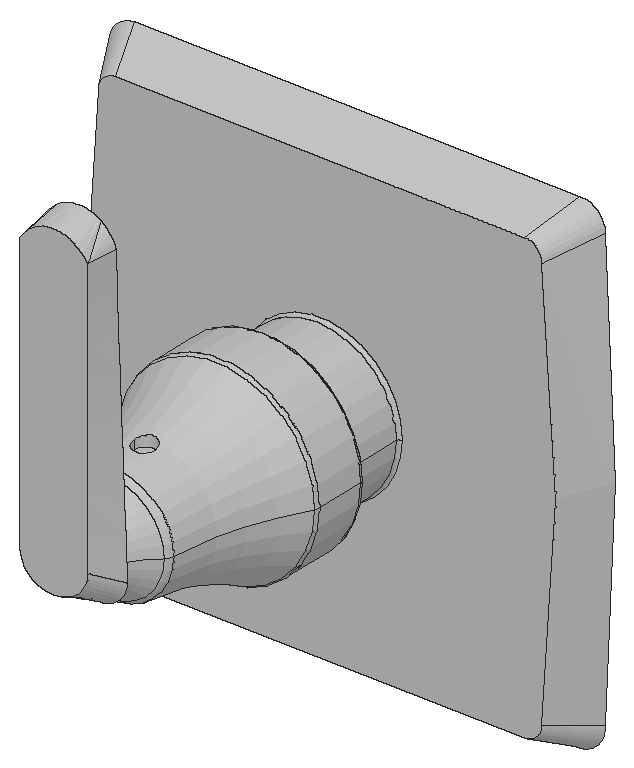
Revit family "Delta Ashlyn 3 Setting Diverter Trim 11864-SS", category Plumbing Fixtures, host Wall, Revit 2013
Parameters (values of type "Delta Ashlyn 3 Setting Diverter Trim 11864-SS")
  Width [instance] = 114.000 mm
  URL = "www.deltafaucet.com"
  Model = "11864"
  Manufacturer = "Delta Ashlyn"
  Height [instance] = 126.000 mm
  Faucet [instance] = Stainless Steel, Polished
  Description = "Delta Ashlyn 3 Setting Diverter Trim 11864-SS"
  Depth [instance] = 83.000 mm
Reference planes
  plane 1: y = 0
  plane 2 "Center (Left/Right)": x = 0
  plane 3 "Wall Edge": y = 76.2
Text (mm)
  text "Placement Side" at (0, 1019.848, 3124.603), in view "Right"
  text "Placement Side" at (-1787.662, 723.012, 0), in view "Ref. Level"
  text "Placement Side" at (0, 2073.289, 3571.227), in view "Left"
Dimensions and locks
  locked: plane 3 "Wall Edge" to host wall
  aligned and locked: plane 2 "Center (Left/Right)" to nested 1
  aligned and locked: nested 1 to host wall
Nested families
  nested 1: "fgt11864_bim" at (0, -112.551, 609.6), type "fgt11864_bim"
Definition of nested family "fgt11864_bim"
  Parameters (values of type "fgt11864_bim")
    Faucet = Polished_Chrome
  Reference planes
    plane 1 "Center (Front/Back)": y = 0
    plane 2: z = 0
    plane 3 "Center (Left/Right)": x = 0
    plane 4: z = 114
  Forms (mm)
    Revolve 1, solid, material "Polished_Chrome" <- "Faucet"
      sketch origin (-309.306, 36.351, 56.534) x (0, -1, 0) y (1, 0, 0)
        loop
          arc (10.16, 290.98) -> (10.616, 291.378) -> (11.21, 291.492) r 1.165
          line (11.21, 291.492) -> (25.907, 291.492) -> (25.907, 287.656)
          arc (25.907, 287.656) -> (26.052, 287.259) -> (26.418, 287.047) r 0.618
          line (26.418, 287.047) -> (38.093, 287.047)
          arc (38.093, 287.047) -> (38.602, 287.119) -> (39.071, 287.328) r 1.845
          spline (39.071, 287.328) -> (41.558, 288.758) -> (43.838, 289.873) -> (45.982, 290.806) -> (48.028, 291.637) -> (49.975, 292.375) -> (51.819, 293.027) -> (53.603, 293.606) -> (55.441, 294.129) -> (57.458, 294.617) -> (59.846, 295.088) -> (63.029, 295.549) -> (67.478, 296.007)
          arc (67.478, 296.007) -> (68.309, 296.412) -> (68.974, 297.054) r 2.952
          spline (68.974, 297.054) -> (70.033, 298.089) -> (70.935, 298.842) -> (71.695, 299.416) -> (72.346, 299.897) -> (72.955, 300.333) -> (73.594, 300.769) -> (74.32, 301.237) -> (75.062, 301.689) -> (75.688, 302.036) -> (76.162, 302.198) -> (76.661, 302.111) -> (77.075, 301.182)
          line (77.075, 301.182) -> (77.075, 309.161) -> (10.16, 309.161) -> (10.16, 290.98)
        axis (10.16, 309.161) -> (77.075, 309.161)
      angle from 0 to 360
    Blend 2, solid, material "Polished_Chrome" <- "Faucet"
      base sketch origin (-471.073, 35.716, 63.678) x (1, 0, 0) y (0, 0, 1)
        loop
          arc (415.894, 41.942) -> (413.814, -6.549) -> (415.983, -55.037) r 554.494
          arc (415.983, -55.037) -> (417.123, -59.732) -> (421.487, -61.809) r 5.623
          arc (421.487, -61.809) -> (471.09, -63.678) -> (520.693, -61.809) r 659.159
          arc (520.693, -61.809) -> (524.896, -59.875) -> (526.162, -55.425) r 5.535
          arc (526.162, -55.425) -> (528.366, -6.411) -> (526.228, 42.607) r 554.494
          arc (526.228, 42.607) -> (524.607, 46.52) -> (520.693, 48.142) r 5.535
          arc (520.693, 48.142) -> (471.09, 50.322) -> (421.487, 48.142) r 565.27
          arc (421.487, 48.142) -> (417.312, 46.285) -> (415.894, 41.942) r 5.623
      top sketch origin (-471.073, 35.716, 63.678) x (1, 0, 0) y (0, 0, 1)
        loop
          arc (421.487, 39.086) -> (418.463, -7.093) -> (421.487, -53.271) r 354.174
          arc (421.487, -53.271) -> (422.608, -55.978) -> (425.315, -57.1) r 3.828
          arc (425.315, -57.1) -> (470.928, -58.8) -> (516.541, -57.1) r 612.768
          arc (516.541, -57.1) -> (519.248, -55.978) -> (520.369, -53.271) r 3.828
          arc (520.369, -53.271) -> (523.393, -7.093) -> (520.369, 39.086) r 354.174
          arc (520.369, 39.086) -> (519.248, 41.793) -> (516.541, 42.914) r 3.828
          arc (516.541, 42.914) -> (470.928, 44.614) -> (425.315, 42.914) r 612.768
          arc (425.315, 42.914) -> (422.608, 41.793) -> (421.487, 39.086) r 3.828
      from -0.635 to 9.525
    Blend 3, solid, material "Polished_Chrome" <- "Faucet"
      base sketch origin (194.708, 118.523, 117.36) x (1, 0, 0) y (0, 0, 1)
        loop
          line (-203.31, 2.765) -> (-204.459, -63.065)
          arc (-204.459, -63.065) -> (-202.843, -66.964) -> (-198.944, -68.58) r 5.515
          arc (-198.944, -68.58) -> (-194.651, -68.85) -> (-190.359, -68.58) r 34.169
          arc (-190.359, -68.58) -> (-186.286, -66.892) -> (-184.599, -62.82) r 5.76
          line (-184.599, -62.82) -> (-187.184, 2.765)
          arc (-187.184, 2.765) -> (-188.364, 5.39) -> (-190.427, 7.398) r 7.692
          arc (-190.427, 7.398) -> (-195.247, 8.845) -> (-200.066, 7.398) r 8.747
          arc (-200.066, 7.398) -> (-202.129, 5.39) -> (-203.31, 2.765) r 7.692
      top sketch origin (194.708, 118.523, 117.36) x (1, 0, 0) y (0, 0, 1)
        loop
          arc (-202.809, -59.131) -> (-201.716, -62.769) -> (-198.799, -65.204) r 6.604
          arc (-198.799, -65.204) -> (-195.264, -65.927) -> (-191.729, -65.204) r 8.999
          arc (-191.729, -65.204) -> (-188.812, -62.769) -> (-187.719, -59.131) r 6.604
          line (-187.719, -59.131) -> (-187.719, 2.747)
          arc (-187.719, 2.747) -> (-195.264, 7.163) -> (-202.809, 2.747) r 8.654
          line (-202.809, 2.747) -> (-202.809, -59.131)
      from 159.055 to 166.053
    Extrusion 4, void
      sketch origin (-309.306, 36.351, 63.678) x (0, -1, 0) y (1, 0, 0)
        loop
          circle (59.054, 309.14) r 2.551
      from 5.099 to 15.481
  Cuts and joins
    Extrusion 4 cuts Revolve 1
  Dimensions and locks
    plane 4 to level = 114.000 mm
    aligned and locked: plane 2 to level
    aligned and locked: Revolve 1 to Blend 2
